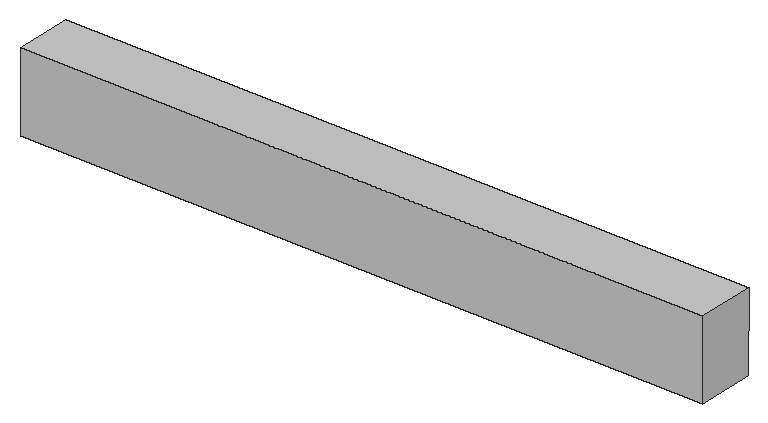
Revit family
Parameters (values of type "100 x 140mm Deep")
  Opening Width [instance] = 910.0 mm
  Lintol Width = 100.0 mm
  Lintol Length [instance] = Opening Width + 2 * (Lintol Bearing)  # 1210.0 mm
  Lintol Depth = 140.0 mm
  Material Lintol = Concrete - Pre Cast
  Lintol Bearing = 150.0 mm
  Keynote = "F30/730"
  Height to U/S Lintol [instance] = 2110.0 mm
Types (6, lengths in mm): name | Lintol Width | Lintol Depth
  100 x 140mm Deep | 100.0 | 140.0
  75 x 140mm Deep | 75.0 | 140.0
  75 x 65mm Deep | 75.0 | 65.0
  100 x 65mm Deep | 100.0 | 65.0
  140 x 140mm Deep | 140.0 | 140.0
  140 x 65mm Deep | 140.0 | 65.0
Reference planes
  plane 1 "Wall": y = -31.298
  plane 2 "Center (Left/Right)": x = 161.814
  plane 3 "Back": y = 50.702
  plane 4 "U/S Lintol": z = 2250
  plane 5: x = 616.814
  plane 6: x = -293.186
  plane 7: x = 766.814
  plane 8: x = -443.186
  plane 9: y = 18.702
  plane 10: y = -81.298
  plane 11: z = 2110
Forms (mm)
  Extrusion 1, solid, material "Concrete - Pre Cast" <- "Material Lintol"
    sketch origin (0, 50.702, 0) x (1, 0, 0) y (0, 0, 1)
      loop
        line (766.814, 2250) -> (-443.186, 2250) -> (-443.186, 2110) -> (766.814, 2110) -> (766.814, 2250)
    from 32 to 132
  Extrusion 2, void
    sketch origin (161.814, 0, 0) x (0, -1, 0) y (0, 0, 1)
      loop
        line (81.298, 2110) -> (81.298, 2250) -> (-18.702, 2250) -> (-18.702, 2110) -> (81.298, 2110)
    from -605 to 605
Text (mm)
  text "Placement side" at (-1848.837, 1116.779, 0), in view "Ref. Level"
  text "Placement side" at (0, 1409.804, 2854.306), in view "Left"
  text "Placement side" at (0, 499.811, 2980.732), in view "Right"
Dimensions and locks
  locked: plane 3 "Back" to host wall
  equal spacing: plane 5, plane 2 "Center (Left/Right)", plane 6
  "Opening Width": plane 5 to plane 6
  "Lintol Bearing": plane 7 to plane 5
  "Lintol Bearing": plane 6 to plane 8
  "Lintol Depth": plane 11 to plane 4 "U/S Lintol"
  "Height to U/S Lintol": level to plane 11
  "Lintol Width": plane 10 to plane 9
  equal spacing: plane 10, plane 1 "Wall", plane 9
  aligned and locked: plane 1 "Wall" to host wall
  aligned and locked: plane 9 to Extrusion 1
  aligned and locked: Extrusion 1 to plane 10
  aligned and locked: plane 7 to Extrusion 2
  aligned and locked: Extrusion 2 to plane 8
Automatic sketch dimensions
  Extrusion 1 sketch curve to plane 4 "U/S Lintol" = 0.0 mm
  Extrusion 1 sketch curve to plane 8 = 0.0 mm
  Extrusion 1 sketch curve to plane 7 = 0.0 mm
  Extrusion 1 sketch curve to plane 11 = 0.0 mm
  Extrusion 2 sketch curve to plane 9 = 0.0 mm
  Extrusion 2 sketch curve to plane 4 "U/S Lintol" = 0.0 mm
  Extrusion 2 sketch curve to plane 10 = 0.0 mm
  Extrusion 2 sketch curve to plane 11 = 0.0 mm
